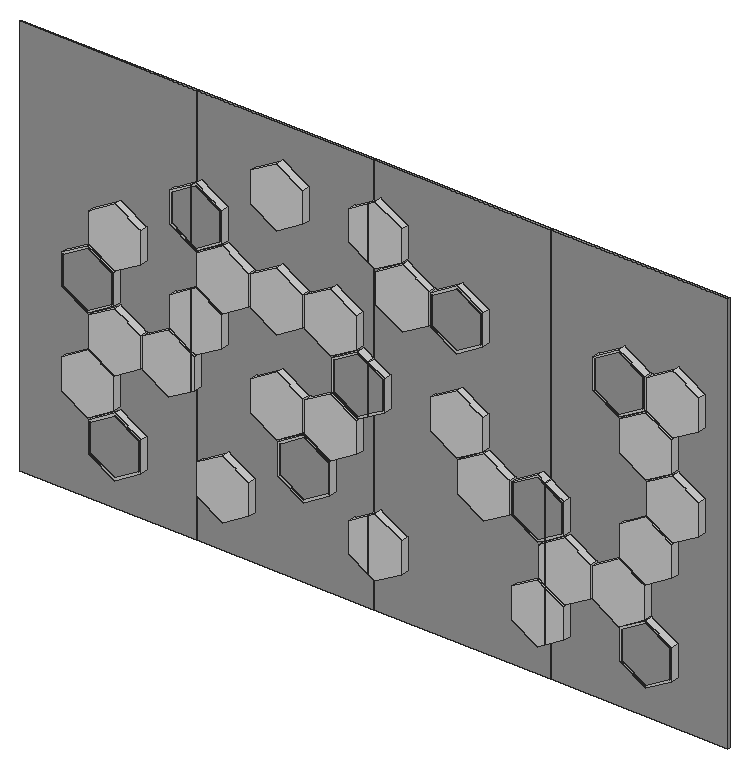
Revit family "SUR-FPG-035_HONEYCOMB_RFA", category Modelos genéricos, Revit 2022 (continued)
Forms (in)
  Extrusion 378, solid, not visible
    sketch origin (0, 0, 0) x (1, 0, 0) y (0, 1, 0)
      loop
        line (2.00001, 29.3367) -> (2.00001, 28.39182) -> (46, 28.39182) -> (46, 29.3367) -> (2.00001, 29.3367)
      loop
        line (2.00001, 23.86935) -> (2.00001, 22.92446) -> (46, 22.92446) -> (46, 23.86935) -> (2.00001, 23.86935)
      loop
        line (2.00001, 18.40199) -> (2.00001, 17.45711) -> (46, 17.45711) -> (46, 18.40199) -> (2.00001, 18.40199)
      loop
        line (2.00001, 12.93465) -> (2.00001, 11.98977) -> (46, 11.98977) -> (46, 12.93465) -> (2.00001, 12.93465)
      loop
        line (2.00001, 7.4673) -> (2.00001, 6.52242) -> (46, 6.52242) -> (46, 7.4673) -> (2.00001, 7.4673)
    from 1 to 6
  Extrusion 379, solid, not visible
    sketch origin (96, 96, 0) x (1, 0, 0) y (0, 1, 0)
      loop
        line (0, 96) -> (0, 0) -> (48, 0) -> (48, 51)
        arc (48, 51) -> (34.81981, 82.81981) -> (3, 96) r 45
        line (3, 96) -> (0, 96)
      loop
        line (46, 2) -> (46, 51)
        arc (46, 51) -> (33.40559, 81.40559) -> (3, 94) r 43
        line (3, 94) -> (2.00001, 94) -> (2.00001, 2) -> (46, 2)
    from 0 to 6
  Extrusion 380, solid, not visible
    sketch origin (96, 96, 0) x (1, 0, 0) y (0, 1, 0)
      loop
        line (2.00001, 89.47753) -> (2.00001, 88.53265) -> (23.98334, 88.53265)
        arc (23.98334, 88.53265) -> (23.09514, 89.0156) -> (22.19583, 89.47753) r 43
        line (22.19583, 89.47753) -> (2.00001, 89.47753)
      loop
        line (2.00001, 84.01018) -> (2.00001, 83.0653) -> (31.6499, 83.0653)
        arc (31.6499, 83.0653) -> (31.10688, 83.54233) -> (30.55591, 84.01018) r 43
        line (30.55591, 84.01018) -> (2.00001, 84.01018)
      loop
        line (2.00001, 78.54284) -> (2.00001, 77.59795) -> (36.78681, 77.59795)
        arc (36.78681, 77.59795) -> (36.40729, 78.0731) -> (36.02109, 78.54284) r 43
        line (36.02109, 78.54284) -> (2.00001, 78.54284)
      loop
        line (2.00001, 73.07548) -> (2.00001, 72.1306) -> (40.44994, 72.1306)
        arc (40.44994, 72.1306) -> (40.1784, 72.60479) -> (39.90085, 73.07548) r 43
        line (39.90085, 73.07548) -> (2.00001, 73.07548)
      loop
        line (2.00001, 67.60813) -> (2.00001, 66.66325) -> (43.04576, 66.66325)
        arc (43.04576, 66.66325) -> (42.85728, 67.13682) -> (42.66321, 67.60813) r 43
        line (42.66321, 67.60813) -> (2.00001, 67.60813)
      loop
        line (2.00001, 62.14079) -> (2.00001, 61.19591) -> (44.77372, 61.19591)
        arc (44.77372, 61.19591) -> (44.65539, 61.66904) -> (44.53171, 62.14079) r 43
        line (44.53171, 62.14079) -> (2.00001, 62.14079)
      loop
        line (2.00001, 56.67344) -> (2.00001, 55.72856) -> (45.73922, 55.72856)
        arc (45.73922, 55.72856) -> (45.68426, 56.20132) -> (45.62408, 56.67344) r 43
        line (45.62408, 56.67344) -> (2.00001, 56.67344)
      loop
        line (2.00001, 51.20609) -> (2.00001, 50.2612) -> (46, 50.2612) -> (46, 51.20609) -> (2.00001, 51.20609)
      loop
        line (2.00001, 45.73874) -> (2.00001, 44.79386) -> (46, 44.79386) -> (46, 45.73874) -> (2.00001, 45.73874)
      loop
        line (2.00001, 40.27139) -> (2.00001, 39.32651) -> (46, 39.32651) -> (46, 40.27139) -> (2.00001, 40.27139)
      loop
        line (2.00001, 34.80404) -> (2.00001, 33.85916) -> (46, 33.85916) -> (46, 34.80404) -> (2.00001, 34.80404)
      loop
        line (2.00001, 29.3367) -> (2.00001, 28.39182) -> (46, 28.39182) -> (46, 29.3367) -> (2.00001, 29.3367)
      loop
        line (2.00001, 23.86935) -> (2.00001, 22.92446) -> (46, 22.92446) -> (46, 23.86935) -> (2.00001, 23.86935)
      loop
        line (2.00001, 18.40199) -> (2.00001, 17.45711) -> (46, 17.45711) -> (46, 18.40199) -> (2.00001, 18.40199)
      loop
        line (2.00001, 12.93465) -> (2.00001, 11.98977) -> (46, 11.98977) -> (46, 12.93465) -> (2.00001, 12.93465)
      loop
        line (2.00001, 7.4673) -> (2.00001, 6.52242) -> (46, 6.52242) -> (46, 7.4673) -> (2.00001, 7.4673)
    from 1 to 6
  Extrusion 381, solid, not visible
    sketch origin (-61.779, -6.49323, 0) x (1, 0, 0) y (0, 1, 0)
      loop
        line (-9.73761, 95.18567) -> (-13.98025, 90.94303) -> (21, 6.49323) -> (27, 6.49323) -> (61.98025, 90.94303) -> (57.73761, 95.18567) -> (-9.73761, 95.18567)
      loop
        line (25.66518, 8.49323) -> (59.61643, 90.47842) -> (56.90918, 93.18567) -> (-8.90918, 93.18567) -> (-11.62109, 90.47376) -> (22.33636, 8.49323) -> (25.66518, 8.49323)
    from 0 to 6
  Extrusion 382, solid, not visible
    sketch origin (-61.77882, -6.3874, 0) x (1, 0, 0) y (0, 1, 0)
      loop
        line (-11.25245, 89.47753) -> (-10.86107, 88.53265) -> (58.85432, 88.53265) -> (59.24561, 89.47753) -> (-11.25245, 89.47753)
      loop
        line (-8.9878, 84.01018) -> (-8.59641, 83.0653) -> (56.59021, 83.0653) -> (56.9815, 84.01018) -> (-8.9878, 84.01018)
      loop
        line (-6.72315, 78.54284) -> (-6.33177, 77.59795) -> (54.3261, 77.59795) -> (54.71739, 78.54284) -> (-6.72315, 78.54284)
      loop
        line (-4.4585, 73.07548) -> (-4.06712, 72.1306) -> (52.06199, 72.1306) -> (52.45328, 73.07548) -> (-4.4585, 73.07548)
      loop
        line (-2.19385, 67.60813) -> (-1.80246, 66.66325) -> (49.79788, 66.66325) -> (50.18917, 67.60813) -> (-2.19385, 67.60813)
      loop
        line (0.0708, 62.14079) -> (0.46218, 61.19591) -> (47.53377, 61.19591) -> (47.92506, 62.14079) -> (0.0708, 62.14079)
      loop
        line (2.33545, 56.67344) -> (2.72683, 55.72856) -> (45.26966, 55.72856) -> (45.66095, 56.67344) -> (2.33545, 56.67344)
      loop
        line (4.6001, 51.20609) -> (4.99148, 50.2612) -> (43.00555, 50.2612) -> (43.39684, 51.20609) -> (4.6001, 51.20609)
      loop
        line (6.86475, 45.73874) -> (7.25613, 44.79386) -> (40.74145, 44.79386) -> (41.13274, 45.73874) -> (6.86475, 45.73874)
      loop
        line (9.1294, 40.27139) -> (9.52078, 39.32651) -> (38.47734, 39.32651) -> (38.86863, 40.27139) -> (9.1294, 40.27139)
      loop
        line (11.39405, 34.80404) -> (11.78543, 33.85916) -> (36.21323, 33.85916) -> (36.60452, 34.80404) -> (11.39405, 34.80404)
      loop
        line (13.6587, 29.3367) -> (14.05008, 28.39182) -> (33.94912, 28.39182) -> (34.34041, 29.3367) -> (13.6587, 29.3367)
      loop
        line (15.92335, 23.86935) -> (16.31473, 22.92446) -> (31.68501, 22.92446) -> (32.0763, 23.86935) -> (15.92335, 23.86935)
      loop
        line (18.188, 18.40199) -> (18.57938, 17.45711) -> (29.4209, 17.45711) -> (29.81219, 18.40199) -> (18.188, 18.40199)
      loop
        line (20.45265, 12.93465) -> (20.84403, 11.98977) -> (27.1568, 11.98977) -> (27.54809, 12.93465) -> (20.45265, 12.93465)
    from 1 to 6
  Extrusion 383, solid, not visible
    sketch origin (-122.80997, -183.81441, 0) x (1, 0, 0) y (0, 1, 0)
      loop
        line (95.80978, 183.81441) -> (95.80978, 185.81441)
        arc (95.80978, 185.81441) -> (82.33668, 218.34136) -> (49.80973, 231.81446) r 46.00005
        line (49.80973, 231.81446) -> (47.80972, 231.81446) -> (47.80972, 183.81441) -> (95.80978, 183.81441)
      loop
        line (49.81345, 185.81441) -> (93.80978, 185.81441)
        arc (93.80978, 185.81441) -> (80.92247, 216.92714) -> (49.80973, 229.81446) r 44.00005
        line (49.80973, 229.81446) -> (49.81345, 185.81441)
    from 0 to 6
  Extrusion 384, solid, not visible
    sketch origin (-27.1907, 97.2062, 0) x (-1, 0, 0) y (0, -1, 0)
      loop
        arc (2.18401, 89.47753) -> (2.24871, 89.00472) -> (2.31853, 88.53265) r 44.00005
        line (2.31853, 88.53265) -> (45.80639, 88.53265) -> (45.80631, 89.47753) -> (2.18401, 89.47753)
      loop
        arc (3.25777, 84.01018) -> (3.38509, 83.53701) -> (3.51767, 83.0653) r 44.00005
        line (3.51767, 83.0653) -> (45.80685, 83.0653) -> (45.80677, 84.01018) -> (3.25777, 84.01018)
      loop
        arc (5.08686, 78.54284) -> (5.28389, 78.06923) -> (5.48642, 77.59795) r 44.00005
        line (5.48642, 77.59795) -> (45.80731, 77.59795) -> (45.80723, 78.54284) -> (5.08686, 78.54284)
      loop
        arc (7.78014, 73.07548) -> (8.06008, 72.60127) -> (8.34594, 72.1306) r 44.00005
        line (8.34594, 72.1306) -> (45.80778, 72.1306) -> (45.8077, 73.07548) -> (7.78014, 73.07548)
      loop
        arc (11.54074, 67.60813) -> (11.9289, 67.13296) -> (12.32366, 66.66325) r 44.00005
        line (12.32366, 66.66325) -> (45.80824, 66.66325) -> (45.80816, 67.60813) -> (11.54074, 67.60813)
      loop
        arc (16.78054, 62.14079) -> (17.33311, 61.66373) -> (17.89352, 61.19591) r 44.00005
        line (17.89352, 61.19591) -> (45.8087, 61.19591) -> (45.80862, 62.14079) -> (16.78054, 62.14079)
      loop
        arc (24.56735, 56.67344) -> (25.46802, 56.19047) -> (26.37967, 55.72856) r 44.00005
        line (26.37967, 55.72856) -> (45.80916, 55.72856) -> (45.80908, 56.67344) -> (24.56735, 56.67344)
    from 1 to 6
  Extrusion 385, solid, not visible
    sketch origin (-29.00325, 95.91725, 0) x (-1, 0, 0) y (0, -1, 0)
      loop
        line (-24.00325, 95.91725) -> (-24.00325, 89.91725) -> (65.99675, -0.08275) -> (71.99675, -0.08275) -> (71.99675, 95.91725) -> (-24.00325, 95.91725)
      loop
        line (69.99675, 1.91725) -> (69.99675, 93.91725) -> (-22.00325, 93.91725) -> (-22.00325, 90.74545) -> (66.82518, 1.91725) -> (69.99675, 1.91725)
    from 0 to 6
  Extrusion 386, solid, not visible
    sketch origin (-29.00342, 96, 0) x (-1, 0, 0) y (0, -1, 0)
      loop
        line (-20.65273, 89.47753) -> (-19.70785, 88.53265) -> (69.99657, 88.53265) -> (69.99657, 89.47753) -> (-20.65273, 89.47753)
      loop
        line (-15.18537, 84.01018) -> (-14.24049, 83.0653) -> (69.99657, 83.0653) -> (69.99657, 84.01018) -> (-15.18537, 84.01018)
      loop
        line (-9.71801, 78.54284) -> (-8.77313, 77.59795) -> (69.99657, 77.59795) -> (69.99657, 78.54284) -> (-9.71801, 78.54284)
      loop
        line (-4.25065, 73.07548) -> (-3.30576, 72.1306) -> (69.99657, 72.1306) -> (69.99657, 73.07548) -> (-4.25065, 73.07548)
      loop
        line (1.21672, 67.60813) -> (2.1616, 66.66325) -> (69.99657, 66.66325) -> (69.99657, 67.60813) -> (1.21672, 67.60813)
      loop
        line (6.68407, 62.14079) -> (7.62896, 61.19591) -> (69.99657, 61.19591) -> (69.99657, 62.14079) -> (6.68407, 62.14079)
      loop
        line (12.15144, 56.67344) -> (13.09632, 55.72856) -> (69.99657, 55.72856) -> (69.99657, 56.67344) -> (12.15144, 56.67344)
      loop
        line (17.6188, 51.20609) -> (18.56369, 50.2612) -> (69.99657, 50.2612) -> (69.99657, 51.20609) -> (17.6188, 51.20609)
      loop
        line (23.08616, 45.73874) -> (24.03104, 44.79386) -> (69.99657, 44.79386) -> (69.99657, 45.73874) -> (23.08616, 45.73874)
      loop
        line (28.55352, 40.27139) -> (29.49841, 39.32651) -> (69.99657, 39.32651) -> (69.99657, 40.27139) -> (28.55352, 40.27139)
      loop
        line (34.02089, 34.80404) -> (34.96577, 33.85916) -> (69.99657, 33.85916) -> (69.99657, 34.80404) -> (34.02089, 34.80404)
      loop
        line (39.48824, 29.3367) -> (40.43313, 28.39182) -> (69.99657, 28.39182) -> (69.99657, 29.3367) -> (39.48824, 29.3367)
      loop
        line (44.95561, 23.86935) -> (45.90049, 22.92446) -> (69.99657, 22.92446) -> (69.99657, 23.86935) -> (44.95561, 23.86935)
      loop
        line (50.42297, 18.40199) -> (51.36786, 17.45711) -> (69.99657, 17.45711) -> (69.99657, 18.40199) -> (50.42297, 18.40199)
      loop
        line (55.89033, 12.93465) -> (56.83521, 11.98977) -> (69.99657, 11.98977) -> (69.99657, 12.93465) -> (55.89033, 12.93465)
      loop
        line (61.35763, 7.46736) -> (62.30252, 6.52248) -> (69.99657, 6.52248) -> (69.99657, 7.46736) -> (61.35763, 7.46736)
    from 1 to 6
  Extrusion 387, solid
    sketch origin (0, 0, 0) x (1, 0, 0) y (0, 0, 1)
      loop
        line (0, 108) -> (0, 0) -> (47.5, 0) -> (47.5, 108) -> (0, 108)
    from 0 to 0.47244
  Extrusion 388, solid
    sketch origin (0, 0, 0) x (1, 0, 0) y (0, 0, 1)
      loop
        line (34.01908, 62.34126) -> (34.01908, 70.435) -> (27.00969, 74.48188) -> (20.0003, 70.43501) -> (20.0003, 62.34125) -> (27.00969, 58.29438) -> (34.01908, 62.34126)
      loop
        line (26.75969, 57.86138) -> (19.75029, 61.90826) -> (12.7409, 57.86138) -> (12.7409, 49.76763) -> (19.75029, 45.72076) -> (26.75969, 49.76763) -> (26.75969, 57.86138)
      loop
        line (34.01908, 45.28773) -> (27.00969, 49.3346) -> (20.0003, 45.28773) -> (20.0003, 37.19398) -> (27.00969, 33.1471) -> (34.01908, 37.19398) -> (34.01908, 45.28773)
      loop
        line (34.51908, 37.19398) -> (41.52847, 33.1471) -> (47.5, 36.59477) -> (47.5, 45.88694) -> (41.52847, 49.3346) -> (34.51908, 45.28773) -> (34.51908, 37.19398)
      loop
        line (41.77848, 49.76761) -> (47.5, 46.46429) -> (47.5, 61.16469) -> (41.77848, 57.86137) -> (41.77848, 49.76761)
      loop
        line (41.77847, 74.9149) -> (47.5, 71.61158) -> (47.5, 72.15711) -> (42.25091, 75.18767) -> (42.25091, 82.73589) -> (47.5, 85.76646) -> (47.5, 86.31198) -> (41.77847, 83.00866) -> (41.77847, 74.9149)
      loop
        line (26.75969, 24.62034) -> (26.75969, 32.71409) -> (19.75029, 36.76097) -> (12.7409, 32.71409) -> (12.7409, 24.62034) -> (19.75029, 20.57347) -> (26.75969, 24.62034)
      loop
        line (27.00968, 24.18734) -> (20.00029, 20.14047) -> (20.00029, 12.04672) -> (27.00968, 7.99984) -> (34.01908, 12.04672) -> (34.01908, 20.14047) -> (27.00968, 24.18734)
      loop
        line (27.00968, 23.64181) -> (20.47273, 19.86771) -> (20.47273, 12.31948) -> (27.00968, 8.54537) -> (33.54664, 12.31948) -> (33.54664, 19.8677) -> (27.00968, 23.64181)
      loop
        line (26.28724, 50.0404) -> (26.28724, 57.58861) -> (19.75029, 61.36273) -> (13.21334, 57.58862) -> (13.21334, 50.04039) -> (19.75029, 46.26628) -> (26.28724, 50.0404)
    from 0.47244 to 2.47244
  Extrusion 389, solid
    sketch origin (47.5, 0, 0) x (1, 0, 0) y (0, 0, 1)
      loop
        line (0, 108) -> (0, 0) -> (47.5, 0) -> (47.5, 108) -> (0, 108)
    from 0 to 0.47244
  Extrusion 390, solid
    sketch origin (97.57572, 0, 0) x (-1, 0, 0) y (0, 0, -1)
      loop
        line (34.01908, -62.34126) -> (27.00969, -58.29438) -> (20.0003, -62.34125) -> (20.0003, -70.43501) -> (27.00969, -74.48188) -> (34.01908, -70.435) -> (34.01908, -62.34126)
      loop
        line (34.01908, -45.28773) -> (34.01908, -37.19398) -> (27.00969, -33.1471) -> (20.0003, -37.19398) -> (20.0003, -45.28773) -> (27.00969, -49.3346) -> (34.01908, -45.28773)
      loop
        line (41.77848, -49.76761) -> (41.77848, -57.86137) -> (48.78786, -61.90824) -> (50.07572, -61.16469) -> (50.07572, -46.46429) -> (48.78786, -45.72074) -> (41.77848, -49.76761)
      loop
        line (41.77847, -74.9149) -> (41.77847, -83.00866) -> (48.78786, -87.05553) -> (50.07572, -86.31199) -> (50.07572, -85.76646) -> (48.78786, -86.51) -> (42.25091, -82.73589) -> (42.25091, -75.18767) -> (48.78786, -71.41356) -> (50.07572, -72.15711) -> (50.07572, -71.61158) -> (48.78786, -70.86803) -> (41.77847, -74.9149)
      loop
        line (26.75969, -24.62034) -> (19.75029, -20.57347) -> (12.7409, -24.62034) -> (12.7409, -32.71409) -> (19.75029, -36.76097) -> (26.75969, -32.71409) -> (26.75969, -24.62034)
      loop
        line (49.03785, -37.19398) -> (49.03785, -45.28773) -> (50.07572, -45.88694) -> (50.07572, -36.59477) -> (49.03785, -37.19398)
      loop
        line (41.52847, -58.29438) -> (34.51907, -62.34126) -> (34.51907, -70.435) -> (41.52847, -74.48188) -> (48.53785, -70.43501) -> (48.53785, -62.34125) -> (41.52847, -58.29438)
      loop
        line (12.49089, -74.48188) -> (19.50028, -70.43501) -> (19.50028, -62.34125) -> (12.49089, -58.29438) -> (5.4815, -62.34126) -> (5.4815, -70.435) -> (12.49089, -74.48188)
      loop
        line (5.23208, -61.90826) -> (12.24147, -57.86138) -> (12.24147, -49.76763) -> (5.23208, -45.72076) -> (2.57572, -47.2544) -> (2.57572, -47.79993) -> (5.23208, -46.26629) -> (11.76902, -50.04039) -> (11.76902, -57.58862) -> (5.23208, -61.36273) -> (2.57572, -59.82908) -> (2.57572, -60.37461) -> (5.23208, -61.90826)
      loop
        line (27.00968, -83.3002) -> (20.00028, -87.34707) -> (20.00028, -95.44082) -> (27.00968, -99.4877) -> (34.01907, -95.44082) -> (34.01907, -87.34707) -> (27.00968, -83.3002)
      loop
        line (7.6707, -87.34707) -> (2.57572, -84.40548) -> (2.57572, -98.38241) -> (7.6707, -95.44082) -> (7.6707, -87.34707)
      loop
        line (5.4815, -37.19398) -> (5.4815, -45.28773) -> (12.49089, -49.3346) -> (19.50028, -45.28773) -> (19.50028, -37.19398) -> (12.49089, -33.1471) -> (5.4815, -37.19398)
      loop
        line (41.52846, -8.00016) -> (34.51906, -12.04703) -> (34.51906, -20.14078) -> (41.52846, -24.18766) -> (48.53785, -20.14078) -> (48.53785, -12.04703) -> (41.52846, -8.00016)
      loop
        line (7.6707, -12.3791) -> (2.57572, -9.43751) -> (2.57572, -23.41444) -> (7.6707, -20.47285) -> (7.6707, -12.3791)
      loop
        line (13.21333, -24.89312) -> (13.21333, -32.44134) -> (19.75029, -36.21545) -> (26.28724, -32.44135) -> (26.28724, -24.89312) -> (19.75029, -21.11901) -> (13.21333, -24.89312)
    from 0.47244 to 2.47244
  Extrusion 391, solid
    sketch origin (96.25311, 0, 0) x (1, 0, 0) y (0, 0, 1)
      loop
        line (29.44888, 57.71991) -> (22.43948, 61.76679) -> (15.43009, 57.71991) -> (15.43009, 49.62616) -> (22.43948, 45.57929) -> (29.44888, 49.62616) -> (29.44888, 57.71991)
      loop
        line (7.92068, 86.91407) -> (0.91128, 82.86719) -> (0.91128, 74.77345) -> (7.92068, 70.72657) -> (14.93007, 74.77344) -> (14.93007, 82.8672) -> (7.92068, 86.91407)
      loop
        line (7.6707, 87.34707) -> (7.6707, 95.44082) -> (0.66131, 99.4877) -> (-1.25311, 98.38241) -> (-1.25311, 84.40548) -> (0.66131, 83.30019) -> (7.6707, 87.34707)
      loop
        line (44.21901, 7.85915) -> (46.24689, 9.02995) -> (46.24689, 22.87585) -> (44.21901, 24.04665) -> (37.20962, 19.99977) -> (37.20962, 11.90603) -> (44.21901, 7.85915)
      loop
        line (7.6707, 12.3791) -> (7.6707, 20.47285) -> (0.66131, 24.51973) -> (-1.25311, 23.41444) -> (-1.25311, 9.43751) -> (0.66131, 8.33222) -> (7.6707, 12.3791)
      loop
        line (3.09994, 57.86138) -> (-1.25311, 60.37461) -> (-1.25311, 59.82908) -> (2.6275, 57.58862) -> (2.6275, 50.0404) -> (-1.25311, 47.79993) -> (-1.25311, 47.2544) -> (3.09994, 49.76763) -> (3.09994, 57.86138)
      loop
        line (44.21766, 33.00566) -> (46.24689, 34.17724) -> (46.24689, 34.72278) -> (44.21766, 33.5512) -> (37.6807, 37.32532) -> (37.6807, 44.87353) -> (44.21766, 48.64765) -> (46.24689, 47.47607) -> (46.24689, 48.02158) -> (44.21766, 49.19316) -> (37.20827, 45.14629) -> (37.20827, 37.05253) -> (44.21766, 33.00566)
      loop
        line (29.44887, 74.77345) -> (29.44887, 82.86719) -> (22.43947, 86.91407) -> (15.43008, 82.8672) -> (15.43008, 74.77344) -> (22.43947, 70.72657) -> (29.44887, 74.77345)
      loop
        line (15.90251, 75.04623) -> (22.43947, 71.27211) -> (28.97642, 75.04622) -> (28.97642, 82.59445) -> (22.43947, 86.36856) -> (15.90251, 82.59444) -> (15.90251, 75.04623)
      loop
        line (36.70827, 45.14627) -> (29.69887, 49.19314) -> (22.68949, 45.14627) -> (22.68949, 37.05252) -> (29.69887, 33.00564) -> (36.70827, 37.05252) -> (36.70827, 45.14627)
      loop
        line (44.46767, 24.47888) -> (46.24689, 23.45164) -> (46.24689, 33.59987) -> (44.46767, 32.57264) -> (44.46767, 24.47888)
    from 0.47244 to 2.47244
  Extrusion 392, solid
    sketch origin (95, 0, 0) x (1, 0, 0) y (0, 0, 1)
      loop
        line (0, 108) -> (0, 0) -> (47.5, 0) -> (47.5, 108) -> (0, 108)
    from 0 to 0.47244
  Extrusion 393, solid
    sketch origin (184.68814, 0, 0) x (-1, 0, 0) y (0, 0, -1)
      loop
        line (14.93009, -57.71991) -> (14.93009, -49.62616) -> (7.9207, -45.57929) -> (0.91131, -49.62616) -> (0.91131, -57.71991) -> (7.9207, -61.76679) -> (14.93009, -57.71991)
      loop
        line (7.92068, -86.91407) -> (14.93007, -82.8672) -> (14.93007, -74.77344) -> (7.92068, -70.72657) -> (0.91128, -74.77345) -> (0.91128, -82.86719) -> (7.92068, -86.91407)
      loop
        line (42.18814, -9.03167) -> (37.20962, -11.90603) -> (37.20962, -19.99977) -> (42.18814, -22.87413) -> (42.18814, -9.03167)
      loop
        line (37.20827, -37.05253) -> (37.20827, -45.14629) -> (42.18814, -48.02142) -> (42.18814, -47.4759) -> (37.6807, -44.87353) -> (37.6807, -37.32532) -> (42.18814, -34.72295) -> (42.18814, -34.1774) -> (37.20827, -37.05253)
      loop
        line (29.44887, -74.77345) -> (22.43947, -70.72657) -> (15.43008, -74.77344) -> (15.43008, -82.8672) -> (22.43947, -86.91407) -> (29.44887, -82.86719) -> (29.44887, -74.77345)
      loop
        line (15.90251, -75.04623) -> (15.90251, -82.59444) -> (22.43947, -86.36856) -> (28.97642, -82.59445) -> (28.97642, -75.04622) -> (22.43947, -71.27211) -> (15.90251, -75.04623)
      loop
        line (42.18814, -33.60012) -> (42.18814, -23.45165) -> (36.95819, -20.43213) -> (29.9488, -24.47901) -> (29.9488, -32.57276) -> (36.95819, -36.61963) -> (42.18814, -33.60012)
      loop
        line (22.18921, -20.31641) -> (22.18921, -12.22266) -> (15.17981, -8.17578) -> (8.17042, -12.22266) -> (8.17042, -20.31641) -> (15.17981, -24.36328) -> (22.18921, -20.31641)
      loop
        line (15.17981, -8.72131) -> (8.64285, -12.49543) -> (8.64285, -20.04364) -> (15.17981, -23.81776) -> (21.71675, -20.04365) -> (21.71675, -12.49542) -> (15.17981, -8.72131)
      loop
        line (29.44859, -32.57263) -> (29.44859, -24.47888) -> (22.4392, -20.43201) -> (15.42981, -24.47888) -> (15.42981, -32.57263) -> (22.4392, -36.61951) -> (29.44859, -32.57263)
      loop
        line (22.1892, -45.14626) -> (22.1892, -37.05252) -> (15.1798, -33.00564) -> (8.17042, -37.05251) -> (8.17042, -45.14627) -> (15.1798, -49.19314) -> (22.1892, -45.14626)
      loop
        line (22.1892, -70.29355) -> (22.1892, -62.1998) -> (15.1798, -58.15292) -> (8.17042, -62.1998) -> (8.17042, -70.29355) -> (15.1798, -74.34042) -> (22.1892, -70.29355)
    from 0.47244 to 2.47244
  Extrusion 394, solid
    sketch origin (142.5, 0, 0) x (1, 0, 0) y (0, 0, 1)
      loop
        line (0, 108) -> (0, 0) -> (47.5, 0) -> (47.5, 108) -> (0, 108)
    from 0 to 0.47244
  Extrusion 395, solid
    sketch origin (0, 0, 0) x (1, 0, 0) y (0, 0, 1)
      loop
        line (13.21334, 57.58862) -> (13.21334, 50.04039) -> (19.75029, 46.26628) -> (26.28724, 50.0404) -> (26.28724, 57.58861) -> (19.75029, 61.36273) -> (13.21334, 57.58862)
      loop
        line (20.47273, 19.86771) -> (20.47273, 12.31948) -> (27.00968, 8.54537) -> (33.54664, 12.31948) -> (33.54664, 19.8677) -> (27.00968, 23.64181) -> (20.47273, 19.86771)
      loop
        line (47.5, 72.15711) -> (47.5, 85.76646) -> (42.25091, 82.73589) -> (42.25091, 75.18767) -> (47.5, 72.15711)
    from 0.47244 to 2.47244
  Extrusion 396, solid
    sketch origin (97.57572, 0, 0) x (-1, 0, 0) y (0, 0, -1)
      loop
        line (2.57572, -59.82909) -> (5.23207, -61.36273) -> (11.76902, -57.58861) -> (11.76902, -50.0404) -> (5.23207, -46.26628) -> (2.57572, -47.79992) -> (2.57572, -59.82909)
      loop
        line (13.21334, -32.44134) -> (19.75029, -36.21545) -> (26.28725, -32.44134) -> (26.28725, -24.89312) -> (19.75029, -21.11901) -> (13.21334, -24.89312) -> (13.21334, -32.44134)
      loop
        line (48.78786, -71.41356) -> (42.25091, -75.18767) -> (42.25091, -82.73589) -> (48.78786, -86.51) -> (50.07572, -85.76646) -> (50.07572, -72.15711) -> (48.78786, -71.41356)
    from 0.47244 to 2.47244
  Extrusion 397, solid
    sketch origin (138.44286, 0, 50.15311) x (-1, 0, 0) y (0, 0, -1)
      loop
        line (-4.05714, 2.67704) -> (-2.0279, 1.50546) -> (4.50906, 5.27957) -> (4.50906, 12.82779) -> (-2.0279, 16.6019) -> (-4.05714, 15.43032) -> (-4.05714, 2.67704)
      loop
        line (13.21334, -32.44134) -> (19.75029, -36.21545) -> (26.28725, -32.44134) -> (26.28725, -24.89312) -> (19.75029, -21.11901) -> (13.21334, -24.89312) -> (13.21334, -32.44134)
      loop
        line (43.44286, 2.35318) -> (39.56226, 0.11271) -> (39.56226, -7.43551) -> (43.44286, -9.67598) -> (43.44286, 2.35318)
    from 0.47244 to 2.47244
  Extrusion 398, solid
    sketch origin (181.99896, 0, 50.15311) x (-1, 0, 0) y (0, 0, -1)
      loop
        line (13.21334, -32.44134) -> (19.75029, -36.21545) -> (26.28725, -32.44134) -> (26.28725, -24.89312) -> (19.75029, -21.11901) -> (13.21334, -24.89312) -> (13.21334, -32.44134)
      loop
        line (39.49896, 15.43016) -> (34.99152, 12.82779) -> (34.99152, 5.27957) -> (39.49896, 2.6772) -> (39.49896, 15.43016)
      loop
        line (5.95368, 30.10946) -> (12.49062, 26.33535) -> (19.02758, 30.10946) -> (19.02758, 37.65768) -> (12.49062, 41.43179) -> (5.95368, 37.65768) -> (5.95368, 30.10946)
    from 0.47244 to 2.47244
  Extrusion 399, solid, not visible
    sketch origin (0, 0, 0) x (1, 0, 0) y (0, 0, 1)
      loop
        line (0, 108) -> (0, 0) -> (47.5, 0) -> (47.5, 108) -> (0, 108)
    from 0 to 0.47244
  Extrusion 400, solid, not visible
    sketch origin (0, 0, 0) x (1, 0, 0) y (0, 0, 1)
      loop
        line (34.01908, 62.34126) -> (34.01908, 70.435) -> (27.00969, 74.48188) -> (20.0003, 70.43501) -> (20.0003, 62.34125) -> (27.00969, 58.29438) -> (34.01908, 62.34126)
      loop
        line (26.75969, 57.86138) -> (19.75029, 61.90826) -> (12.7409, 57.86138) -> (12.7409, 49.76763) -> (19.75029, 45.72076) -> (26.75969, 49.76763) -> (26.75969, 57.86138)
      loop
        line (34.01908, 45.28773) -> (27.00969, 49.3346) -> (20.0003, 45.28773) -> (20.0003, 37.19398) -> (27.00969, 33.1471) -> (34.01908, 37.19398) -> (34.01908, 45.28773)
      loop
        line (34.51908, 37.19398) -> (41.52847, 33.1471) -> (47.5, 36.59477) -> (47.5, 45.88694) -> (41.52847, 49.3346) -> (34.51908, 45.28773) -> (34.51908, 37.19398)
      loop
        line (41.77848, 49.76761) -> (47.5, 46.46429) -> (47.5, 61.16469) -> (41.77848, 57.86137) -> (41.77848, 49.76761)
      loop
        line (41.77847, 74.9149) -> (47.5, 71.61158) -> (47.5, 72.15711) -> (42.25091, 75.18767) -> (42.25091, 82.73589) -> (47.5, 85.76646) -> (47.5, 86.31198) -> (41.77847, 83.00866) -> (41.77847, 74.9149)
      loop
        line (26.75969, 24.62034) -> (26.75969, 32.71409) -> (19.75029, 36.76097) -> (12.7409, 32.71409) -> (12.7409, 24.62034) -> (19.75029, 20.57347) -> (26.75969, 24.62034)
      loop
        line (27.00968, 24.18734) -> (20.00029, 20.14047) -> (20.00029, 12.04672) -> (27.00968, 7.99984) -> (34.01908, 12.04672) -> (34.01908, 20.14047) -> (27.00968, 24.18734)
      loop
        line (27.00968, 23.64181) -> (20.47273, 19.86771) -> (20.47273, 12.31948) -> (27.00968, 8.54537) -> (33.54664, 12.31948) -> (33.54664, 19.8677) -> (27.00968, 23.64181)
      loop
        line (26.28724, 50.0404) -> (26.28724, 57.58861) -> (19.75029, 61.36273) -> (13.21334, 57.58862) -> (13.21334, 50.04039) -> (19.75029, 46.26628) -> (26.28724, 50.0404)
    from 0.47244 to 2.47244
  Extrusion 401, solid, not visible
    sketch origin (0, 0, 0) x (1, 0, 0) y (0, 0, 1)
      loop
        line (13.21334, 57.58862) -> (13.21334, 50.04039) -> (19.75029, 46.26628) -> (26.28724, 50.0404) -> (26.28724, 57.58861) -> (19.75029, 61.36273) -> (13.21334, 57.58862)
      loop
        line (20.47273, 19.86771) -> (20.47273, 12.31948) -> (27.00968, 8.54537) -> (33.54664, 12.31948) -> (33.54664, 19.8677) -> (27.00968, 23.64181) -> (20.47273, 19.86771)
      loop
        line (47.5, 72.15711) -> (47.5, 85.76646) -> (42.25091, 82.73589) -> (42.25091, 75.18767) -> (47.5, 72.15711)
    from 0.47244 to 2.47244
  Extrusion 402, solid, not visible
    sketch origin (47.5, 0, 0) x (1, 0, 0) y (0, 0, 1)
      loop
        line (0, 108) -> (0, 0) -> (47.5, 0) -> (47.5, 108) -> (0, 108)
    from 0 to 0.47244
  Extrusion 403, solid, not visible
    sketch origin (97.57572, 0, 0) x (-1, 0, 0) y (0, 0, -1)
      loop
        line (34.01908, -62.34126) -> (27.00969, -58.29438) -> (20.0003, -62.34125) -> (20.0003, -70.43501) -> (27.00969, -74.48188) -> (34.01908, -70.435) -> (34.01908, -62.34126)
      loop
        line (34.01908, -45.28773) -> (34.01908, -37.19398) -> (27.00969, -33.1471) -> (20.0003, -37.19398) -> (20.0003, -45.28773) -> (27.00969, -49.3346) -> (34.01908, -45.28773)
      loop
        line (41.77848, -49.76761) -> (41.77848, -57.86137) -> (48.78786, -61.90824) -> (50.07572, -61.16469) -> (50.07572, -46.46429) -> (48.78786, -45.72074) -> (41.77848, -49.76761)
      loop
        line (41.77847, -74.9149) -> (41.77847, -83.00866) -> (48.78786, -87.05553) -> (50.07572, -86.31199) -> (50.07572, -85.76646) -> (48.78786, -86.51) -> (42.25091, -82.73589) -> (42.25091, -75.18767) -> (48.78786, -71.41356) -> (50.07572, -72.15711) -> (50.07572, -71.61158) -> (48.78786, -70.86803) -> (41.77847, -74.9149)
      loop
        line (26.75969, -24.62034) -> (19.75029, -20.57347) -> (12.7409, -24.62034) -> (12.7409, -32.71409) -> (19.75029, -36.76097) -> (26.75969, -32.71409) -> (26.75969, -24.62034)
      loop
        line (49.03785, -37.19398) -> (49.03785, -45.28773) -> (50.07572, -45.88694) -> (50.07572, -36.59477) -> (49.03785, -37.19398)
      loop
        line (41.52847, -58.29438) -> (34.51907, -62.34126) -> (34.51907, -70.435) -> (41.52847, -74.48188) -> (48.53785, -70.43501) -> (48.53785, -62.34125) -> (41.52847, -58.29438)
      loop
        line (12.49089, -74.48188) -> (19.50028, -70.43501) -> (19.50028, -62.34125) -> (12.49089, -58.29438) -> (5.4815, -62.34126) -> (5.4815, -70.435) -> (12.49089, -74.48188)
      loop
        line (5.23208, -61.90826) -> (12.24147, -57.86138) -> (12.24147, -49.76763) -> (5.23208, -45.72076) -> (2.57572, -47.2544) -> (2.57572, -47.79993) -> (5.23208, -46.26629) -> (11.76902, -50.04039) -> (11.76902, -57.58862) -> (5.23208, -61.36273) -> (2.57572, -59.82908) -> (2.57572, -60.37461) -> (5.23208, -61.90826)
      loop
        line (27.00968, -83.3002) -> (20.00028, -87.34707) -> (20.00028, -95.44082) -> (27.00968, -99.4877) -> (34.01907, -95.44082) -> (34.01907, -87.34707) -> (27.00968, -83.3002)
      loop
        line (7.6707, -87.34707) -> (2.57572, -84.40548) -> (2.57572, -98.38241) -> (7.6707, -95.44082) -> (7.6707, -87.34707)
      loop
        line (5.4815, -37.19398) -> (5.4815, -45.28773) -> (12.49089, -49.3346) -> (19.50028, -45.28773) -> (19.50028, -37.19398) -> (12.49089, -33.1471) -> (5.4815, -37.19398)
      loop
        line (41.52846, -8.00016) -> (34.51906, -12.04703) -> (34.51906, -20.14078) -> (41.52846, -24.18766) -> (48.53785, -20.14078) -> (48.53785, -12.04703) -> (41.52846, -8.00016)
      loop
        line (7.6707, -12.3791) -> (2.57572, -9.43751) -> (2.57572, -23.41444) -> (7.6707, -20.47285) -> (7.6707, -12.3791)
      loop
        line (13.21333, -24.89312) -> (13.21333, -32.44134) -> (19.75029, -36.21545) -> (26.28724, -32.44135) -> (26.28724, -24.89312) -> (19.75029, -21.11901) -> (13.21333, -24.89312)
    from 0.47244 to 2.47244
  Extrusion 404, solid, not visible
    sketch origin (97.57572, 0, 0) x (-1, 0, 0) y (0, 0, -1)
      loop
        line (2.57572, -59.82909) -> (5.23207, -61.36273) -> (11.76902, -57.58861) -> (11.76902, -50.0404) -> (5.23207, -46.26628) -> (2.57572, -47.79992) -> (2.57572, -59.82909)
      loop
        line (13.21334, -32.44134) -> (19.75029, -36.21545) -> (26.28725, -32.44134) -> (26.28725, -24.89312) -> (19.75029, -21.11901) -> (13.21334, -24.89312) -> (13.21334, -32.44134)
      loop
        line (48.78786, -71.41356) -> (42.25091, -75.18767) -> (42.25091, -82.73589) -> (48.78786, -86.51) -> (50.07572, -85.76646) -> (50.07572, -72.15711) -> (48.78786, -71.41356)
    from 0.47244 to 2.47244
  Extrusion 405, solid, not visible
    sketch origin (96.25311, 0, 0) x (1, 0, 0) y (0, 0, 1)
      loop
        line (29.44888, 57.71991) -> (22.43948, 61.76679) -> (15.43009, 57.71991) -> (15.43009, 49.62616) -> (22.43948, 45.57929) -> (29.44888, 49.62616) -> (29.44888, 57.71991)
      loop
        line (7.92068, 86.91407) -> (0.91128, 82.86719) -> (0.91128, 74.77345) -> (7.92068, 70.72657) -> (14.93007, 74.77344) -> (14.93007, 82.8672) -> (7.92068, 86.91407)
      loop
        line (7.6707, 87.34707) -> (7.6707, 95.44082) -> (0.66131, 99.4877) -> (-1.25311, 98.38241) -> (-1.25311, 84.40548) -> (0.66131, 83.30019) -> (7.6707, 87.34707)
      loop
        line (44.21901, 7.85915) -> (46.24689, 9.02995) -> (46.24689, 22.87585) -> (44.21901, 24.04665) -> (37.20962, 19.99977) -> (37.20962, 11.90603) -> (44.21901, 7.85915)
      loop
        line (7.6707, 12.3791) -> (7.6707, 20.47285) -> (0.66131, 24.51973) -> (-1.25311, 23.41444) -> (-1.25311, 9.43751) -> (0.66131, 8.33222) -> (7.6707, 12.3791)
      loop
        line (3.09994, 57.86138) -> (-1.25311, 60.37461) -> (-1.25311, 59.82908) -> (2.6275, 57.58862) -> (2.6275, 50.0404) -> (-1.25311, 47.79993) -> (-1.25311, 47.2544) -> (3.09994, 49.76763) -> (3.09994, 57.86138)
      loop
        line (44.21766, 33.00566) -> (46.24689, 34.17724) -> (46.24689, 34.72278) -> (44.21766, 33.5512) -> (37.6807, 37.32532) -> (37.6807, 44.87353) -> (44.21766, 48.64765) -> (46.24689, 47.47607) -> (46.24689, 48.02158) -> (44.21766, 49.19316) -> (37.20827, 45.14629) -> (37.20827, 37.05253) -> (44.21766, 33.00566)
      loop
        line (29.44887, 74.77345) -> (29.44887, 82.86719) -> (22.43947, 86.91407) -> (15.43008, 82.8672) -> (15.43008, 74.77344) -> (22.43947, 70.72657) -> (29.44887, 74.77345)
      loop
        line (15.90251, 75.04623) -> (22.43947, 71.27211) -> (28.97642, 75.04622) -> (28.97642, 82.59445) -> (22.43947, 86.36856) -> (15.90251, 82.59444) -> (15.90251, 75.04623)
      loop
        line (36.70827, 45.14627) -> (29.69887, 49.19314) -> (22.68949, 45.14627) -> (22.68949, 37.05252) -> (29.69887, 33.00564) -> (36.70827, 37.05252) -> (36.70827, 45.14627)
      loop
        line (44.46767, 24.47888) -> (46.24689, 23.45164) -> (46.24689, 33.59987) -> (44.46767, 32.57264) -> (44.46767, 24.47888)
    from 0.47244 to 2.47244
  Extrusion 406, solid, not visible
    sketch origin (95, 0, 0) x (1, 0, 0) y (0, 0, 1)
      loop
        line (0, 108) -> (0, 0) -> (47.5, 0) -> (47.5, 108) -> (0, 108)
    from 0 to 0.47244
  Extrusion 407, solid, not visible
    sketch origin (138.44286, 0, 50.15311) x (-1, 0, 0) y (0, 0, -1)
      loop
        line (-4.05714, 2.67704) -> (-2.0279, 1.50546) -> (4.50906, 5.27957) -> (4.50906, 12.82779) -> (-2.0279, 16.6019) -> (-4.05714, 15.43032) -> (-4.05714, 2.67704)
      loop
        line (13.21334, -32.44134) -> (19.75029, -36.21545) -> (26.28725, -32.44134) -> (26.28725, -24.89312) -> (19.75029, -21.11901) -> (13.21334, -24.89312) -> (13.21334, -32.44134)
      loop
        line (43.44286, 2.35318) -> (39.56226, 0.11271) -> (39.56226, -7.43551) -> (43.44286, -9.67598) -> (43.44286, 2.35318)
    from 0.47244 to 2.47244
  Extrusion 408, solid, not visible
    sketch origin (184.68814, 0, 0) x (-1, 0, 0) y (0, 0, -1)
      loop
        line (14.93009, -57.71991) -> (14.93009, -49.62616) -> (7.9207, -45.57929) -> (0.91131, -49.62616) -> (0.91131, -57.71991) -> (7.9207, -61.76679) -> (14.93009, -57.71991)
      loop
        line (7.92068, -86.91407) -> (14.93007, -82.8672) -> (14.93007, -74.77344) -> (7.92068, -70.72657) -> (0.91128, -74.77345) -> (0.91128, -82.86719) -> (7.92068, -86.91407)
      loop
        line (42.18814, -9.03167) -> (37.20962, -11.90603) -> (37.20962, -19.99977) -> (42.18814, -22.87413) -> (42.18814, -9.03167)
      loop
        line (37.20827, -37.05253) -> (37.20827, -45.14629) -> (42.18814, -48.02142) -> (42.18814, -47.4759) -> (37.6807, -44.87353) -> (37.6807, -37.32532) -> (42.18814, -34.72295) -> (42.18814, -34.1774) -> (37.20827, -37.05253)
      loop
        line (29.44887, -74.77345) -> (22.43947, -70.72657) -> (15.43008, -74.77344) -> (15.43008, -82.8672) -> (22.43947, -86.91407) -> (29.44887, -82.86719) -> (29.44887, -74.77345)
      loop
        line (15.90251, -75.04623) -> (15.90251, -82.59444) -> (22.43947, -86.36856) -> (28.97642, -82.59445) -> (28.97642, -75.04622) -> (22.43947, -71.27211) -> (15.90251, -75.04623)
      loop
        line (42.18814, -33.60012) -> (42.18814, -23.45165) -> (36.95819, -20.43213) -> (29.9488, -24.47901) -> (29.9488, -32.57276) -> (36.95819, -36.61963) -> (42.18814, -33.60012)
      loop
        line (22.18921, -20.31641) -> (22.18921, -12.22266) -> (15.17981, -8.17578) -> (8.17042, -12.22266) -> (8.17042, -20.31641) -> (15.17981, -24.36328) -> (22.18921, -20.31641)
      loop
        line (15.17981, -8.72131) -> (8.64285, -12.49543) -> (8.64285, -20.04364) -> (15.17981, -23.81776) -> (21.71675, -20.04365) -> (21.71675, -12.49542) -> (15.17981, -8.72131)
      loop
        line (29.44859, -32.57263) -> (29.44859, -24.47888) -> (22.4392, -20.43201) -> (15.42981, -24.47888) -> (15.42981, -32.57263) -> (22.4392, -36.61951) -> (29.44859, -32.57263)
      loop
        line (22.1892, -45.14626) -> (22.1892, -37.05252) -> (15.1798, -33.00564) -> (8.17042, -37.05251) -> (8.17042, -45.14627) -> (15.1798, -49.19314) -> (22.1892, -45.14626)
      loop
        line (22.1892, -70.29355) -> (22.1892, -62.1998) -> (15.1798, -58.15292) -> (8.17042, -62.1998) -> (8.17042, -70.29355) -> (15.1798, -74.34042) -> (22.1892, -70.29355)
    from 0.47244 to 2.47244
  Extrusion 409, solid, not visible
    sketch origin (142.5, 0, 0) x (1, 0, 0) y (0, 0, 1)
      loop
        line (0, 108) -> (0, 0) -> (47.5, 0) -> (47.5, 108) -> (0, 108)
    from 0 to 0.47244
  Extrusion 410, solid, not visible
    sketch origin (181.99896, 0, 50.15311) x (-1, 0, 0) y (0, 0, -1)
      loop
        line (13.21334, -32.44134) -> (19.75029, -36.21545) -> (26.28725, -32.44134) -> (26.28725, -24.89312) -> (19.75029, -21.11901) -> (13.21334, -24.89312) -> (13.21334, -32.44134)
      loop
        line (39.49896, 15.43016) -> (34.99152, 12.82779) -> (34.99152, 5.27957) -> (39.49896, 2.6772) -> (39.49896, 15.43016)
      loop
        line (5.95368, 30.10946) -> (12.49062, 26.33535) -> (19.02758, 30.10946) -> (19.02758, 37.65768) -> (12.49062, 41.43179) -> (5.95368, 37.65768) -> (5.95368, 30.10946)
    from 0.47244 to 2.47244
  Extrusion 411, solid, not visible
    sketch origin (0, 0, 0) x (1, 0, 0) y (0, 0, 1)
      loop
        line (0, 108) -> (0, 0) -> (47.5, 0) -> (47.5, 108) -> (0, 108)
    from 0 to 0.47244
  Extrusion 412, solid, not visible
    sketch origin (0, 0, 0) x (1, 0, 0) y (0, 0, 1)
      loop
        line (34.01908, 62.34126) -> (34.01908, 70.435) -> (27.00969, 74.48188) -> (20.0003, 70.43501) -> (20.0003, 62.34125) -> (27.00969, 58.29438) -> (34.01908, 62.34126)
      loop
        line (26.75969, 57.86138) -> (19.75029, 61.90826) -> (12.7409, 57.86138) -> (12.7409, 49.76763) -> (19.75029, 45.72076) -> (26.75969, 49.76763) -> (26.75969, 57.86138)
      loop
        line (34.01908, 45.28773) -> (27.00969, 49.3346) -> (20.0003, 45.28773) -> (20.0003, 37.19398) -> (27.00969, 33.1471) -> (34.01908, 37.19398) -> (34.01908, 45.28773)
      loop
        line (34.51908, 37.19398) -> (41.52847, 33.1471) -> (47.5, 36.59477) -> (47.5, 45.88694) -> (41.52847, 49.3346) -> (34.51908, 45.28773) -> (34.51908, 37.19398)
      loop
        line (41.77848, 49.76761) -> (47.5, 46.46429) -> (47.5, 61.16469) -> (41.77848, 57.86137) -> (41.77848, 49.76761)
      loop
        line (41.77847, 74.9149) -> (47.5, 71.61158) -> (47.5, 72.15711) -> (42.25091, 75.18767) -> (42.25091, 82.73589) -> (47.5, 85.76646) -> (47.5, 86.31198) -> (41.77847, 83.00866) -> (41.77847, 74.9149)
      loop
        line (26.75969, 24.62034) -> (26.75969, 32.71409) -> (19.75029, 36.76097) -> (12.7409, 32.71409) -> (12.7409, 24.62034) -> (19.75029, 20.57347) -> (26.75969, 24.62034)
      loop
        line (27.00968, 24.18734) -> (20.00029, 20.14047) -> (20.00029, 12.04672) -> (27.00968, 7.99984) -> (34.01908, 12.04672) -> (34.01908, 20.14047) -> (27.00968, 24.18734)
      loop
        line (27.00968, 23.64181) -> (20.47273, 19.86771) -> (20.47273, 12.31948) -> (27.00968, 8.54537) -> (33.54664, 12.31948) -> (33.54664, 19.8677) -> (27.00968, 23.64181)
      loop
        line (26.28724, 50.0404) -> (26.28724, 57.58861) -> (19.75029, 61.36273) -> (13.21334, 57.58862) -> (13.21334, 50.04039) -> (19.75029, 46.26628) -> (26.28724, 50.0404)
    from 0.47244 to 2.47244
  Extrusion 413, solid, not visible
    sketch origin (47.5, 0, 0) x (1, 0, 0) y (0, 0, 1)
      loop
        line (0, 108) -> (0, 0) -> (47.5, 0) -> (47.5, 108) -> (0, 108)
    from 0 to 0.47244
  Extrusion 414, solid, not visible
    sketch origin (97.57572, 0, 0) x (-1, 0, 0) y (0, 0, -1)
      loop
        line (34.01908, -62.34126) -> (27.00969, -58.29438) -> (20.0003, -62.34125) -> (20.0003, -70.43501) -> (27.00969, -74.48188) -> (34.01908, -70.435) -> (34.01908, -62.34126)
      loop
        line (34.01908, -45.28773) -> (34.01908, -37.19398) -> (27.00969, -33.1471) -> (20.0003, -37.19398) -> (20.0003, -45.28773) -> (27.00969, -49.3346) -> (34.01908, -45.28773)
      loop
        line (41.77848, -49.76761) -> (41.77848, -57.86137) -> (48.78786, -61.90824) -> (50.07572, -61.16469) -> (50.07572, -46.46429) -> (48.78786, -45.72074) -> (41.77848, -49.76761)
      loop
        line (41.77847, -74.9149) -> (41.77847, -83.00866) -> (48.78786, -87.05553) -> (50.07572, -86.31199) -> (50.07572, -85.76646) -> (48.78786, -86.51) -> (42.25091, -82.73589) -> (42.25091, -75.18767) -> (48.78786, -71.41356) -> (50.07572, -72.15711) -> (50.07572, -71.61158) -> (48.78786, -70.86803) -> (41.77847, -74.9149)
      loop
        line (26.75969, -24.62034) -> (19.75029, -20.57347) -> (12.7409, -24.62034) -> (12.7409, -32.71409) -> (19.75029, -36.76097) -> (26.75969, -32.71409) -> (26.75969, -24.62034)
      loop
        line (49.03785, -37.19398) -> (49.03785, -45.28773) -> (50.07572, -45.88694) -> (50.07572, -36.59477) -> (49.03785, -37.19398)
      loop
        line (41.52847, -58.29438) -> (34.51907, -62.34126) -> (34.51907, -70.435) -> (41.52847, -74.48188) -> (48.53785, -70.43501) -> (48.53785, -62.34125) -> (41.52847, -58.29438)
      loop
        line (12.49089, -74.48188) -> (19.50028, -70.43501) -> (19.50028, -62.34125) -> (12.49089, -58.29438) -> (5.4815, -62.34126) -> (5.4815, -70.435) -> (12.49089, -74.48188)
      loop
        line (5.23208, -61.90826) -> (12.24147, -57.86138) -> (12.24147, -49.76763) -> (5.23208, -45.72076) -> (2.57572, -47.2544) -> (2.57572, -47.79993) -> (5.23208, -46.26629) -> (11.76902, -50.04039) -> (11.76902, -57.58862) -> (5.23208, -61.36273) -> (2.57572, -59.82908) -> (2.57572, -60.37461) -> (5.23208, -61.90826)
      loop
        line (27.00968, -83.3002) -> (20.00028, -87.34707) -> (20.00028, -95.44082) -> (27.00968, -99.4877) -> (34.01907, -95.44082) -> (34.01907, -87.34707) -> (27.00968, -83.3002)
      loop
        line (7.6707, -87.34707) -> (2.57572, -84.40548) -> (2.57572, -98.38241) -> (7.6707, -95.44082) -> (7.6707, -87.34707)
      loop
        line (5.4815, -37.19398) -> (5.4815, -45.28773) -> (12.49089, -49.3346) -> (19.50028, -45.28773) -> (19.50028, -37.19398) -> (12.49089, -33.1471) -> (5.4815, -37.19398)
      loop
        line (41.52846, -8.00016) -> (34.51906, -12.04703) -> (34.51906, -20.14078) -> (41.52846, -24.18766) -> (48.53785, -20.14078) -> (48.53785, -12.04703) -> (41.52846, -8.00016)
      loop
        line (7.6707, -12.3791) -> (2.57572, -9.43751) -> (2.57572, -23.41444) -> (7.6707, -20.47285) -> (7.6707, -12.3791)
      loop
        line (13.21333, -24.89312) -> (13.21333, -32.44134) -> (19.75029, -36.21545) -> (26.28724, -32.44135) -> (26.28724, -24.89312) -> (19.75029, -21.11901) -> (13.21333, -24.89312)
    from 0.47244 to 2.47244
  Extrusion 415, solid, not visible
    sketch origin (96.25311, 0, 0) x (1, 0, 0) y (0, 0, 1)
      loop
        line (29.44888, 57.71991) -> (22.43948, 61.76679) -> (15.43009, 57.71991) -> (15.43009, 49.62616) -> (22.43948, 45.57929) -> (29.44888, 49.62616) -> (29.44888, 57.71991)
      loop
        line (7.92068, 86.91407) -> (0.91128, 82.86719) -> (0.91128, 74.77345) -> (7.92068, 70.72657) -> (14.93007, 74.77344) -> (14.93007, 82.8672) -> (7.92068, 86.91407)
      loop
        line (7.6707, 87.34707) -> (7.6707, 95.44082) -> (0.66131, 99.4877) -> (-1.25311, 98.38241) -> (-1.25311, 84.40548) -> (0.66131, 83.30019) -> (7.6707, 87.34707)
      loop
        line (44.21901, 7.85915) -> (46.24689, 9.02995) -> (46.24689, 22.87585) -> (44.21901, 24.04665) -> (37.20962, 19.99977) -> (37.20962, 11.90603) -> (44.21901, 7.85915)
      loop
        line (7.6707, 12.3791) -> (7.6707, 20.47285) -> (0.66131, 24.51973) -> (-1.25311, 23.41444) -> (-1.25311, 9.43751) -> (0.66131, 8.33222) -> (7.6707, 12.3791)
      loop
        line (3.09994, 57.86138) -> (-1.25311, 60.37461) -> (-1.25311, 59.82908) -> (2.6275, 57.58862) -> (2.6275, 50.0404) -> (-1.25311, 47.79993) -> (-1.25311, 47.2544) -> (3.09994, 49.76763) -> (3.09994, 57.86138)
      loop
        line (44.21766, 33.00566) -> (46.24689, 34.17724) -> (46.24689, 34.72278) -> (44.21766, 33.5512) -> (37.6807, 37.32532) -> (37.6807, 44.87353) -> (44.21766, 48.64765) -> (46.24689, 47.47607) -> (46.24689, 48.02158) -> (44.21766, 49.19316) -> (37.20827, 45.14629) -> (37.20827, 37.05253) -> (44.21766, 33.00566)
      loop
        line (29.44887, 74.77345) -> (29.44887, 82.86719) -> (22.43947, 86.91407) -> (15.43008, 82.8672) -> (15.43008, 74.77344) -> (22.43947, 70.72657) -> (29.44887, 74.77345)
      loop
        line (15.90251, 75.04623) -> (22.43947, 71.27211) -> (28.97642, 75.04622) -> (28.97642, 82.59445) -> (22.43947, 86.36856) -> (15.90251, 82.59444) -> (15.90251, 75.04623)
      loop
        line (36.70827, 45.14627) -> (29.69887, 49.19314) -> (22.68949, 45.14627) -> (22.68949, 37.05252) -> (29.69887, 33.00564) -> (36.70827, 37.05252) -> (36.70827, 45.14627)
      loop
        line (44.46767, 24.47888) -> (46.24689, 23.45164) -> (46.24689, 33.59987) -> (44.46767, 32.57264) -> (44.46767, 24.47888)
    from 0.47244 to 2.47244
  Extrusion 416, solid, not visible
    sketch origin (95, 0, 0) x (1, 0, 0) y (0, 0, 1)
      loop
        line (0, 108) -> (0, 0) -> (47.5, 0) -> (47.5, 108) -> (0, 108)
    from 0 to 0.47244
  Extrusion 417, solid, not visible
    sketch origin (184.68814, 0, 0) x (-1, 0, 0) y (0, 0, -1)
      loop
        line (14.93009, -57.71991) -> (14.93009, -49.62616) -> (7.9207, -45.57929) -> (0.91131, -49.62616) -> (0.91131, -57.71991) -> (7.9207, -61.76679) -> (14.93009, -57.71991)
      loop
        line (7.92068, -86.91407) -> (14.93007, -82.8672) -> (14.93007, -74.77344) -> (7.92068, -70.72657) -> (0.91128, -74.77345) -> (0.91128, -82.86719) -> (7.92068, -86.91407)
      loop
        line (42.18814, -9.03167) -> (37.20962, -11.90603) -> (37.20962, -19.99977) -> (42.18814, -22.87413) -> (42.18814, -9.03167)
      loop
        line (37.20827, -37.05253) -> (37.20827, -45.14629) -> (42.18814, -48.02142) -> (42.18814, -47.4759) -> (37.6807, -44.87353) -> (37.6807, -37.32532) -> (42.18814, -34.72295) -> (42.18814, -34.1774) -> (37.20827, -37.05253)
      loop
        line (29.44887, -74.77345) -> (22.43947, -70.72657) -> (15.43008, -74.77344) -> (15.43008, -82.8672) -> (22.43947, -86.91407) -> (29.44887, -82.86719) -> (29.44887, -74.77345)
      loop
        line (15.90251, -75.04623) -> (15.90251, -82.59444) -> (22.43947, -86.36856) -> (28.97642, -82.59445) -> (28.97642, -75.04622) -> (22.43947, -71.27211) -> (15.90251, -75.04623)
      loop
        line (42.18814, -33.60012) -> (42.18814, -23.45165) -> (36.95819, -20.43213) -> (29.9488, -24.47901) -> (29.9488, -32.57276) -> (36.95819, -36.61963) -> (42.18814, -33.60012)
      loop
        line (22.18921, -20.31641) -> (22.18921, -12.22266) -> (15.17981, -8.17578) -> (8.17042, -12.22266) -> (8.17042, -20.31641) -> (15.17981, -24.36328) -> (22.18921, -20.31641)
      loop
        line (15.17981, -8.72131) -> (8.64285, -12.49543) -> (8.64285, -20.04364) -> (15.17981, -23.81776) -> (21.71675, -20.04365) -> (21.71675, -12.49542) -> (15.17981, -8.72131)
      loop
        line (29.44859, -32.57263) -> (29.44859, -24.47888) -> (22.4392, -20.43201) -> (15.42981, -24.47888) -> (15.42981, -32.57263) -> (22.4392, -36.61951) -> (29.44859, -32.57263)
      loop
        line (22.1892, -45.14626) -> (22.1892, -37.05252) -> (15.1798, -33.00564) -> (8.17042, -37.05251) -> (8.17042, -45.14627) -> (15.1798, -49.19314) -> (22.1892, -45.14626)
      loop
        line (22.1892, -70.29355) -> (22.1892, -62.1998) -> (15.1798, -58.15292) -> (8.17042, -62.1998) -> (8.17042, -70.29355) -> (15.1798, -74.34042) -> (22.1892, -70.29355)
    from 0.47244 to 2.47244
  Extrusion 418, solid, not visible
    sketch origin (142.5, 0, 0) x (1, 0, 0) y (0, 0, 1)
      loop
        line (0, 108) -> (0, 0) -> (47.5, 0) -> (47.5, 108) -> (0, 108)
    from 0 to 0.47244
  Extrusion 419, solid, not visible
    sketch origin (0, 0, 0) x (1, 0, 0) y (0, 0, 1)
      loop
        line (13.21334, 57.58862) -> (13.21334, 50.04039) -> (19.75029, 46.26628) -> (26.28724, 50.0404) -> (26.28724, 57.58861) -> (19.75029, 61.36273) -> (13.21334, 57.58862)
      loop
        line (20.47273, 19.86771) -> (20.47273, 12.31948) -> (27.00968, 8.54537) -> (33.54664, 12.31948) -> (33.54664, 19.8677) -> (27.00968, 23.64181) -> (20.47273, 19.86771)
      loop
        line (47.5, 72.15711) -> (47.5, 85.76646) -> (42.25091, 82.73589) -> (42.25091, 75.18767) -> (47.5, 72.15711)
    from 0.47244 to 2.47244
  Extrusion 420, solid, not visible
    sketch origin (97.57572, 0, 0) x (-1, 0, 0) y (0, 0, -1)
      loop
        line (2.57572, -59.82909) -> (5.23207, -61.36273) -> (11.76902, -57.58861) -> (11.76902, -50.0404) -> (5.23207, -46.26628) -> (2.57572, -47.79992) -> (2.57572, -59.82909)
      loop
        line (13.21334, -32.44134) -> (19.75029, -36.21545) -> (26.28725, -32.44134) -> (26.28725, -24.89312) -> (19.75029, -21.11901) -> (13.21334, -24.89312) -> (13.21334, -32.44134)
      loop
        line (48.78786, -71.41356) -> (42.25091, -75.18767) -> (42.25091, -82.73589) -> (48.78786, -86.51) -> (50.07572, -85.76646) -> (50.07572, -72.15711) -> (48.78786, -71.41356)
    from 0.47244 to 2.47244
  Extrusion 421, solid, not visible
    sketch origin (138.44286, 0, 50.15311) x (-1, 0, 0) y (0, 0, -1)
      loop
        line (-4.05714, 2.67704) -> (-2.0279, 1.50546) -> (4.50906, 5.27957) -> (4.50906, 12.82779) -> (-2.0279, 16.6019) -> (-4.05714, 15.43032) -> (-4.05714, 2.67704)
      loop
        line (13.21334, -32.44134) -> (19.75029, -36.21545) -> (26.28725, -32.44134) -> (26.28725, -24.89312) -> (19.75029, -21.11901) -> (13.21334, -24.89312) -> (13.21334, -32.44134)
      loop
        line (43.44286, 2.35318) -> (39.56226, 0.11271) -> (39.56226, -7.43551) -> (43.44286, -9.67598) -> (43.44286, 2.35318)
    from 0.47244 to 2.47244
  Extrusion 422, solid, not visible
    sketch origin (181.99896, 0, 50.15311) x (-1, 0, 0) y (0, 0, -1)
      loop
        line (13.21334, -32.44134) -> (19.75029, -36.21545) -> (26.28725, -32.44134) -> (26.28725, -24.89312) -> (19.75029, -21.11901) -> (13.21334, -24.89312) -> (13.21334, -32.44134)
      loop
        line (39.49896, 15.43016) -> (34.99152, 12.82779) -> (34.99152, 5.27957) -> (39.49896, 2.6772) -> (39.49896, 15.43016)
      loop
        line (5.95368, 30.10946) -> (12.49062, 26.33535) -> (19.02758, 30.10946) -> (19.02758, 37.65768) -> (12.49062, 41.43179) -> (5.95368, 37.65768) -> (5.95368, 30.10946)
    from 0.47244 to 2.47244
Dimensions and locks (in)
  aligned and locked: level to plane 2
